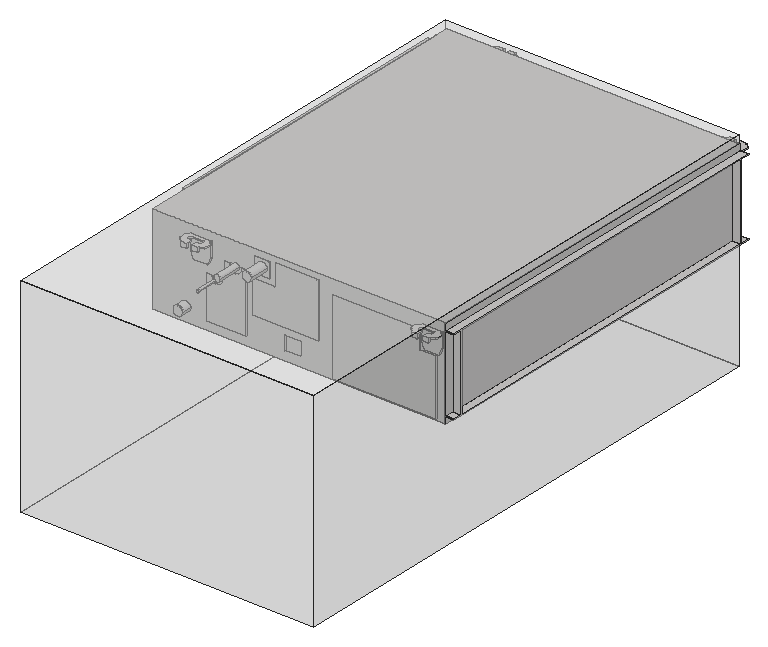
Revit family "outputfile", category 機械設備, Revit 2024
Family settings
  丸型コネクタ寸法 = 半径を使用
  パーツ タイプ = 標準
  OmniClass 番号 = 23.75.10.24.21.27.27
  OmniClass タイトル = Split System Air Conditioning Units
  作業面ベース = いいえ
  常に垂直 = はい
  ロード時にボイドで切り取り = いいえ
  注釈の向きを維持 = いいえ
  共有 = いいえ
  部屋計算ポイント = はい
Parameters (values of type "FDMF71VVMG")
  Description = ""
  製造元 = "Daikin"
  書き出し IFC クラス(タイプ) = "IfcUnitaryEquipmentType"
  定義済み IFC タイプ(タイプ) = "AIRCONDITIONINGUNIT"
  Cost = 0
  モデル = "FDMF71VVMG"
  Type Comments = ""
  Keynote = ""
  Type Image = (empty or 0)
  Assembly Code = ""
  switch_frequency = yes
  r_Liquid Pipe Size = Liquid Pipe Size / 2  # 3.2 mm
  r_Gas Pipe Size = Gas Pipe Size / 2  # 7.95 mm
  r_Drain Pipe Size = Drain Pipe Size / 2  # 12.5 mm
  lw_power = 770.0 mm  # constant formula
  lh_SA = 138.0 mm  # constant formula
  lw_SA = if(Depth = 550.0 mm, 225.0 mm, if(Depth = 700.0 mm, 300.0 mm, if(Depth = 1000.0 mm, 450.0 mm, if(Depth = 1400.0 mm, 650.0 mm, 725.0 mm))))  # 450.0 mm
  lw_RA = if(Depth = 550.0 mm, 275.0 mm, if(Depth = 700.0 mm, 349.0 mm, if(Depth = 1000.0 mm, 499.0 mm, if(Depth = 1400.0 mm, 699.0 mm, 775.0 mm))))  # 499.0 mm
  lh_power = 60.0 mm + [h***]  # 60.0 mm
  lh_mountinghole1 = lh_mountinghole + [h***]  # 222.0 mm
  lh_RA = 123.0 mm  # constant formula
  ld_power = Depth / 2  # 500.0 mm
  connector_voltage = Voltage_50Hz  # 230 V
  connector_powerinput = [Power Input (Cooling)]  # 0.000 kW
  connector_phase = Phase_50Hz  # 1
  Voltage_comment_50Hz = "220 - 240"
  Voltage_50Hz = 230 V
  URL = ""
  Supply Air Direction [instance] = yes
  Sound Power Level_H speed (dB) = 0
  Phase_50Hz = 1
  Minimum External Static Pressure = 50.00 Pa
  Minimum Circuit Amps_50Hz = 0.0 A
  Maximum Fuse Amps_50Hz = 0.0 A
  Maximum External Static Pressure = 150.00 Pa
  Material_Casing = DAIKIN_GalvanizedSteel_Casing_indoorunit
  lw_mountinghole = 630.0 mm  # constant formula
  lh_gaspipe = 183.0 mm + [h***]  # 183.0 mm
  lh_mountinghole = 222.0 mm  # constant formula
  lh_liquidpipe = 136.0 mm + [h***]  # 136.0 mm
  lh_drainpipe = 207.0 mm + [h***]  # 207.0 mm
  lh_antena = Height - lh_mountinghole + 1.0 mm  # 24.0 mm
  ld_drainpipe = Depth / 2 + 53.0 mm  # 553.0 mm
  ld_liquidpipe = Depth / 2 + 69.0 mm  # 569.0 mm
  ld_gaspipe = Depth / 2 + 65.0 mm  # 565.0 mm
  ld_mountinghole = Depth + 38.0 mm  # 1038.0 mm
  h*** = 0.0 mm  # constant formula
  lw_liquidpipe = 179.0 mm  # constant formula
  lw_gaspipe = 229.0 mm  # constant formula
  lw_drainpipe = 300.0 mm  # constant formula
  Width = 800.0 mm
  Version = "ver.1.0"
  Unit Type = "Duct (M.S.P)"
  Unit Mass Weight = 37.00 kg
  Unit Designation [instance] = ""
  Uniclass2015Version = "Products v1.30"
  Uniclass2015Title = "Split coil room air conditioning units"
  Uniclass2015Code = "Pr_70_65_03_86"
  Total Cooling Capacity [instance] = 0.000 kW
  Sound Pressure Level_M speed (dBA) = 35
  Sound Pressure Level_L speed (dBA) = 33
  Sound Pressure Level_H speed (dBA) = 38
  Series = "Multi Split_Fan Coil Unit"
  Sensible Cooling Capacity [instance] = 0.000 kW
  SA Duct Size Width = 792.0 mm
  SA Duct Size Height = 176.0 mm
  Refrigerant Type = "R32"
  RA Duct Size Width = 952.0 mm
  RA Duct Size Height = 208.0 mm
  Power Input (Cooling) = 0.000 kW
  Option Accessory 3 [instance] = ""
  Option Accessory 2 [instance] = ""
  Option Accessory 1 [instance] = ""
  Nominal Cooling Capacity = 7.100 kW
  Minimum Airflow = 960.00 m³/h
  Median Airflow = 1170.00 m³/h
  Maximum Airflow = 1380.00 m³/h
  Load Classification = HVAC
  Liquid Pipe Size = 6.4 mm
  Link_Nested Family [instance] = ""
  IfcVersion = ""
  IfcExportType = "AIRCONDITIONINGUNIT"
  IfcExportAs = "IfcUnitaryEquipmentType"
  Height = 245.0 mm
  Heat Exchanger Type = "Cross Fin Coil"
  Gas Pipe Size = 15.9 mm
  Frequency_50Hz = 50 Hz
  Fan Type = "Sirocco Fan"
  Fan Drive = "Direct Drive"
  FCU Tag No. [instance] = ""
  Drain Pipe Size = 25.0 mm
  Design Supply Airflow [instance] = 0.00 m³/h
  Design Return Airflow [instance] = 0.00 m³/h
  Design External Static Pressure [instance] = 0.00 Pa
  Depth = 1000.0 mm
  既定の高さ = 0.0 mm
  Cooling Entering Wet Bulb Temperature [instance] = 0.00 °C
  Cooling Entering Dry Bulb Temperature [instance] = 0.00 °C
  Cooling Ambient Wet Bulb Temperature [instance] = 0.00 °C
  Cooling Ambient Dry Bulb Temperature [instance] = 0.00 °C
  Clearance visibility [instance] = yes
  Clearance Top = 20.0 mm
  Clearance Right = 0.0 mm
  Clearance Rear = 0.0 mm
  Clearance Left = 0.0 mm
  Clearance Front = 450.0 mm
  Clearance Bottom = 300.0 mm
Reference planes
  plane 1 "Center (Front/Back)": y = 0
  plane 2 "h": z = 0
  plane 3 "Center (Left/Right)": x = 0
  plane 4 "Back": y = 500
  plane 5 "Front": y = -500
  plane 6 "Left": x = -400
  plane 7 "Right": x = 400
  plane 8 "Top": z = 0
  plane 9 "Bottom": z = -245
  plane 10: y = -215
  plane 11: y = 500
  plane 12: y = -950
  plane 13: x = -400
  plane 14: x = 400
  plane 15: z = 20
  plane 16: z = -545
  plane 17: x = -400
  plane 18: x = -399
  plane 19: x = 399
  plane 20: y = 50
  plane 21: y = -1
  plane 22: z = -122
  plane 23: y = -501
  plane 24: z = -109
  plane 25: x = -221
  plane 26: y = -565
  plane 27: z = -62
  plane 28: x = -171
  plane 29: y = -553
  plane 30: z = -38
  plane 31: x = -100
  plane 32: x = -100
  plane 33: x = -221
  plane 34: x = -171
  plane 35: x = 370
  plane 36: x = -266
  plane 37: x = 364
  plane 38: y = -519
  plane 39: y = 519
  plane 40: z = -23
  plane 41: z = -107
  plane 42: y = -569
  plane 43: z = -207
  plane 44: x = -309
  plane 45: y = -526
  plane 46: x = -251
  plane 47: x = -203
  plane 48: x = -144
  plane 49: z = -59
  plane 50: z = -106
  plane 51: z = -221
  plane 52: z = -109
  plane 53: x = -221
  plane 54: z = -62
  plane 55: x = -171
  plane 56: z = -17
  plane 57: z = -59
  plane 58: x = -121
  plane 59: x = -79
  plane 60: x = -125
  plane 61: x = -64
  plane 62: x = 53
  plane 63: z = -164
  plane 64: z = -73
  plane 65: z = -16
  plane 66: x = 93.5
  plane 67: x = 374.5
  plane 68: x = 330
  plane 69: z = -88.5
  plane 70: z = -38
  plane 71: z = -242.5
  plane 72: x = -38.5
  plane 73: x = 6.5
  plane 74: z = -181
  plane 75: z = -221
  plane 76: y = -499
  plane 77: x = -424
  plane 78: x = 424
Forms (mm)
  Extrusion 1, solid, material "DAIKIN_GalvanizedSteel_Casing_indoorunit" <- "Material_Casing"
    sketch origin (0, 0, 0) x (1, 0, 0) y (0, 1, 0)
      loop
        line (-399, 500) -> (-399, -500) -> (399, -500) -> (399, 500) -> (-399, 500)
    from -245 to 0
  Extrusion 2, solid, material "DAIKIN_GalvanizedSteel_Casing_indoorunit" <- "Material_Casing"
    sketch origin (0, 0, 0) x (1, 0, 0) y (0, 0, 1)
      loop
        line (-251, -221) -> (-144, -221) -> (-144, -59) -> (-154.47, -59)
        arc (-154.47, -59) -> (-171, -78.8) -> (-187.53, -59) r 16.8
        line (-187.53, -59) -> (-203, -59) -> (-203, -106) -> (-206.916, -106)
        arc (-206.916, -106) -> (-221, -123.4) -> (-235.084, -106) r 14.4
        line (-235.084, -106) -> (-251, -106) -> (-251, -221)
    from 500 to 501
  Extrusion 3, solid, material "DAIKIN_GalvanizedSteel_Casing_indoorunit" <- "Material_Casing"
    sketch origin (0, 0, 0) x (1, 0, 0) y (0, 0, 1)
      loop
        line (-121, -17) -> (-121, -59) -> (-79, -59) -> (-79, -17) -> (-121, -17)
      loop
        line (-125, -73) -> (-125, -164) -> (53, -164) -> (53, -16) -> (-64, -16) -> (-64, -73) -> (-125, -73)
    from 500 to 501
  Extrusion 4, solid, material "DAIKIN_GalvanizedSteel_Casing_indoorunit" <- "Material_Casing"
    sketch origin (0, 0, 0) x (1, 0, 0) y (0, 0, 1)
      loop
        line (93.5, -38) -> (93.5, -242.5) -> (374.5, -242.5) -> (374.5, -88.5) -> (330, -88.5) -> (330, -38) -> (93.5, -38)
    from 500 to 501
  Extrusion 5, solid, material "DAIKIN_GalvanizedSteel_Casing_indoorunit" <- "Material_Casing"
    sketch origin (0, 0, 0) x (1, 0, 0) y (0, 0, 1)
      loop
        circle (-221, -109) r 3.2
    from 500 to 569
  Extrusion 6, solid, material "DAIKIN_GalvanizedSteel_Casing_indoorunit" <- "Material_Casing"
    sketch origin (0, 0, 0) x (1, 0, 0) y (0, 0, 1)
      loop
        circle (-171, -62) r 7.95
    from 500 to 565
  Extrusion 7, solid, material "DAIKIN_GalvanizedSteel_Casing_indoorunit" <- "Material_Casing"
    sketch origin (0, 0, 0) x (1, 0, 0) y (0, 0, 1)
      loop
        circle (-100, -38) r 12.5
    from 501 to 553
  Extrusion 8, solid, material "DAIKIN_GalvanizedSteel_Casing_indoorunit" <- "Material_Casing"
    sketch origin (0, 0, 0) x (1, 0, 0) y (0, 0, 1)
      loop
        circle (-309, -207) r 13
    from 500 to 526
  Extrusion 9, void
    sketch origin (0, 0, 0) x (1, 0, 0) y (0, 0, 1)
      loop
        line (-38.5, -181) -> (-38.5, -221) -> (6.5, -221) -> (6.5, -181) -> (-38.5, -181)
    from 499 to 500
Cuts and joins
  Extrusion 9 cuts Extrusion 1
Dimensions and locks
  "Height": plane 8 "Top" to plane 9 "Bottom"
  equal spacing: plane 4 "Back", plane 1 "Center (Front/Back)", plane 5 "Front"
  "Depth": plane 4 "Back" to plane 5 "Front"
  equal spacing: plane 6 "Left", plane 3 "Center (Left/Right)", plane 7 "Right"
  "Width": plane 6 "Left" to plane 7 "Right"
  "Clearance Left": plane 13 to plane 6 "Left"
  "Clearance Right": plane 7 "Right" to plane 14
  "Clearance Rear": plane 11 to plane 4 "Back"
  "Clearance Front": plane 5 "Front" to plane 12
  "Clearance Top": plane 15 to plane 8 "Top"
  "Clearance Bottom": plane 9 "Bottom" to plane 16
  locked: plane 17 to plane 18 at 1
  locked: plane 19 to plane 14 at 1
  "lw_SA": plane 11 to plane 20
  "lw_RA": plane 21 to plane 5 "Front"
  "lh_RA": plane 22 to plane 9 "Bottom"
  locked: plane 5 "Front" to plane 23 at 1
  "lw_liquidpipe": plane 25 to plane 6 "Left"
  "lh_liquidpipe": plane 24 to plane 9 "Bottom"
  "lh_gaspipe": plane 27 to plane 9 "Bottom"
  "lw_gaspipe": plane 28 to plane 6 "Left"
  "ld_gaspipe": plane 26 to plane 1 "Center (Front/Back)"
  "ld_drainpipe": plane 29 to plane 1 "Center (Front/Back)"
  "lh_drainpipe": plane 30 to plane 9 "Bottom"
  "lw_drainpipe": plane 31 to plane 6 "Left"
  "lw_drainpipe": plane 6 "Left" to plane 32
  "lw_liquidpipe": plane 6 "Left" to plane 33
  "lw_gaspipe": plane 6 "Left" to plane 34
  "lw_power": plane 6 "Left" to plane 35
  locked: plane 17 to plane 36 at 134
  "lw_mountinghole": plane 36 to plane 37
  equal spacing: plane 38, plane 1 "Center (Front/Back)", plane 39
  "ld_mountinghole": plane 39 to plane 38
  "lh_mountinghole": plane 40 to plane 9 "Bottom"
  "lh_SA": plane 41 to plane 9 "Bottom"
  locked: plane 44 to plane 6 "Left" at 91
  locked: plane 43 to plane 9 "Bottom" at 38
  plane 48 to plane 47 to plane 46 to plane 6 "Left" = 59.0 mm, 48.0 mm, 149.0 mm
  plane 8 "Top" to plane 49 to plane 50 to plane 51 = 59.0 mm locked, 47.0 mm locked, 115.0 mm locked
  plane 55 to plane 53 to plane 6 "Left" = 50.0 mm locked, 179.0 mm locked
  plane 54 to plane 52 to plane 9 "Bottom" = 47.0 mm locked, 136.0 mm locked
  plane 59 to plane 58 to plane 6 "Left" = 42.0 mm locked, 279.0 mm locked
  plane 8 "Top" to plane 56 to plane 57 = 17.0 mm locked, 42.0 mm locked
  plane 62 to plane 61 to plane 60 to plane 6 "Left" = 117.0 mm, 61.0 mm, 275.0 mm
  plane 8 "Top" to plane 65 to plane 64 = 16.0 mm locked, 57.0 mm locked
  locked: plane 65 to plane 63 at 148
  plane 8 "Top" to plane 70 to plane 69 to plane 71 = 38.0 mm locked, 50.5 mm locked, 154.0 mm locked
  plane 67 to plane 68 to plane 66 to plane 6 "Left" = 44.5 mm locked, 236.5 mm locked, 493.5 mm locked
  plane 8 "Top" to plane 74 to plane 75 = 181.0 mm locked, 40.0 mm locked
  plane 73 to plane 72 to plane 6 "Left" = 45.0 mm, 361.5 mm
  locked: plane 76 to plane 5 "Front" at 1
  locked: plane 77 to plane 17 at 24
  locked: plane 14 to plane 78 at 24
  "ld_liquidpipe": plane 42 to plane 1 "Center (Front/Back)"
  "r_Liquid Pipe Size": radius of Extrusion 5 sketch curve
  "r_Gas Pipe Size": radius of Extrusion 6 sketch curve
  "r_Drain Pipe Size": radius of Extrusion 7 sketch curve
  aligned and locked: level to plane 2 "h"
  aligned and locked: plane 8 "Top" to Extrusion 1
  aligned and locked: Extrusion 1 to plane 9 "Bottom"
  aligned and locked: nested 5 to plane 12
  aligned and locked: plane 13 to nested 5
  aligned and locked: plane 14 to nested 5
  aligned and locked: nested 5 to plane 13
  aligned and locked: plane 11 to nested 5
  aligned and locked: plane 15 to nested 5
  aligned and locked: plane 16 to nested 5
  aligned and locked: plane 5 "Front" to Extrusion 1 sketch curve
  aligned and locked: Extrusion 1 to plane 18
  aligned and locked: plane 19 to Extrusion 1
  aligned and locked: nested 7 to plane 18
  aligned and locked: nested 7 to plane 20
  aligned and locked: plane 19 to nested 8
  aligned and locked: plane 21 to nested 8
  aligned and locked: plane 22 to nested 8
  aligned and locked: Extrusion 2 to plane 23
  aligned and locked: plane 5 "Front" to Extrusion 2
  aligned and locked: Extrusion 3 to plane 23
  aligned and locked: plane 5 "Front" to Extrusion 3
  aligned and locked: plane 5 "Front" to Extrusion 4
  aligned and locked: Extrusion 5 sketch curve to plane 25
  aligned and locked: plane 24 to Extrusion 5 sketch curve
  aligned and locked: plane 5 "Front" to Extrusion 5
  aligned and locked: Extrusion 6 sketch curve to plane 28
  aligned and locked: plane 27 to Extrusion 6 sketch curve
  aligned and locked: plane 5 "Front" to Extrusion 6
  aligned and locked: Extrusion 7 sketch curve to plane 31
  aligned and locked: Extrusion 7 sketch curve to plane 30
  aligned and locked: Extrusion 7 to plane 29
  aligned and locked: plane 23 to Extrusion 7
  aligned and locked: nested 3 to plane 29
  aligned and locked: plane 32 to nested 3
  aligned and locked: nested 2 to plane 33
  aligned and locked: nested 1 to plane 34
  aligned and locked: Extrusion 6 to plane 26
  aligned and locked: nested 1 to plane 26
  aligned and locked: nested 6 to plane 5 "Front"
  aligned and locked: nested 6 to plane 35
  aligned and locked: plane 36 to nested 10
  aligned and locked: nested 10 to plane 5 "Front"
  aligned and locked: plane 37 to nested 9
  aligned and locked: nested 9 to plane 5 "Front"
  aligned and locked: nested 11 to plane 36
  aligned and locked: plane 4 "Back" to nested 11
  aligned and locked: nested 12 to plane 37
  aligned and locked: plane 4 "Back" to nested 12
  aligned and locked: plane 40 to nested 10
  aligned and locked: plane 40 to nested 11
  aligned and locked: plane 40 to nested 9
  aligned and locked: plane 40 to nested 12
  aligned and locked: plane 36 to nested 14
  aligned and locked: nested 14 to plane 39
  aligned and locked: plane 37 to nested 13
  aligned and locked: nested 13 to plane 39
  aligned and locked: plane 37 to nested 16
  aligned and locked: plane 38 to nested 16
  aligned and locked: plane 38 to nested 15
  aligned and locked: plane 36 to nested 15
  aligned and locked: plane 17 to plane 6 "Left"
  aligned and locked: plane 41 to nested 7
  aligned and locked: Extrusion 5 to plane 42
  aligned and locked: nested 2 to plane 42
  aligned and locked: Extrusion 8 sketch curve to plane 44
  aligned and locked: plane 43 to Extrusion 8 sketch curve
  aligned and locked: plane 5 "Front" to Extrusion 8
  aligned and locked: plane 45 to Extrusion 8
  aligned and locked: Extrusion 3 sketch curve to plane 56
  aligned and locked: Extrusion 3 sketch curve to plane 58
  aligned and locked: plane 57 to Extrusion 3 sketch curve
  aligned and locked: plane 59 to Extrusion 3 sketch curve
  aligned and locked: Extrusion 4 to plane 23
  aligned and locked: Extrusion 9 sketch curve to plane 74
  aligned and locked: plane 75 to Extrusion 9 sketch curve
  aligned and locked: plane 73 to Extrusion 9 sketch curve
  aligned and locked: plane 5 "Front" to Extrusion 9
  aligned and locked: plane 76 to Extrusion 9
  aligned and locked: nested 17 to plane 20
  aligned and locked: nested 17 to plane 77
  aligned and locked: plane 21 to nested 18
  aligned and locked: plane 78 to nested 18
  aligned and locked: plane 41 to nested 17
  aligned and locked: nested 18 to plane 22
  aligned and locked: nested 4 to plane 3 "Center (Left/Right)"
  aligned and locked: plane 1 "Center (Front/Back)" to nested 4
  aligned and locked: level to plane 8 "Top"
Automatic sketch dimensions
  plane 6 "Left" to Extrusion 1 sketch curve = 1.0 mm
  Extrusion 1 sketch curve to plane 7 "Right" = 1.0 mm
  Extrusion 1 sketch curve to plane 4 "Back" = 0.0 mm
  Extrusion 2 sketch curve to plane 46 = 0.0 mm
  Extrusion 2 sketch curve to plane 33 = 0.0 mm
  Extrusion 2 sketch curve to plane 47 = 0.0 mm
  Extrusion 2 sketch curve to plane 34 = 0.0 mm
  Extrusion 2 sketch curve to plane 48 = 0.0 mm
  Extrusion 2 sketch curve to plane 51 = 0.0 mm
  Extrusion 2 sketch curve to plane 52 = 0.0 mm
  Extrusion 2 sketch curve to plane 50 = 0.0 mm  (x3)
  Extrusion 2 sketch curve to plane 54 = 0.0 mm
  Extrusion 2 sketch curve to plane 49 = 0.0 mm  (x3)
  plane 33 to Extrusion 2 sketch curve = 14.084 mm
  plane 34 to Extrusion 2 sketch curve = 16.53 mm
  Extrusion 3 sketch curve to plane 60 = 0.0 mm
  Extrusion 3 sketch curve to plane 61 = 0.0 mm
  Extrusion 3 sketch curve to plane 62 = 0.0 mm
  Extrusion 3 sketch curve to plane 63 = 0.0 mm
  Extrusion 3 sketch curve to plane 64 = 0.0 mm
  Extrusion 3 sketch curve to plane 65 = 0.0 mm
  Extrusion 4 sketch curve to plane 66 = 0.0 mm
  Extrusion 4 sketch curve to plane 68 = 0.0 mm
  Extrusion 4 sketch curve to plane 67 = 0.0 mm
  Extrusion 4 sketch curve to plane 71 = 0.0 mm
  Extrusion 4 sketch curve to plane 69 = 0.0 mm
  Extrusion 4 sketch curve to plane 70 = 0.0 mm
  Extrusion 9 sketch curve to plane 72 = 0.0 mm
  radius of Extrusion 8 sketch curve = 13.0 mm
Nested families
  nested 1: "daikin_connector_rotate2" at (-171, 0, -62), length <- "ld_gaspipe", built-in parameter 1001364 <- "lh_gaspipe", radius <- "r_Gas Pipe Size", type "daikin_connector_rotate2"
    with radius 7.95 mm, length 565.0 mm, angle_vertical 90.00°
  nested 2: "daikin_connector_rotate2" at (-221, 0, -109), length <- "ld_liquidpipe", built-in parameter 1001364 <- "lh_liquidpipe", radius <- "r_Liquid Pipe Size", type "daikin_connector_rotate2"
    with radius 3.2 mm, length 569.0 mm, angle_vertical 90.00°
  nested 3: "daikin_connector_rotate2" at (-100, 0, -38), length <- "ld_drainpipe", built-in parameter 1001364 <- "lh_drainpipe", radius <- "r_Drain Pipe Size", type "daikin_connector_rotate2"
    with radius 12.5 mm, length 553.0 mm, angle_vertical 90.00°
  nested 4: "daikin_△_symbolicline" at (0, 0, 245) x (0, -1, 0) z (0, 0, 1), built-in parameter 1001364 <- "Height", visible <- "Supply Air Direction", type "daikin_△_symbolicline"
    with length 200.0 mm
  nested 5: "daikin_clearancespace" at (0, -225, -262.381), visible <- "Clearance visibility", show <- "Clearance visibility", Link_Nested Family <- "Link_Nested Family", type "daikin_clearancespace"
    with width 800.0 mm, show yes, height 565.0 mm, depth 1450.0 mm, Link_Nested Family ""
  nested 6: "daikin_connector_rotate2" at (370, 0, -185), built-in parameter 1001364 <- "lh_power", length <- "ld_power", type "daikin_connector_rotate2"
    with radius 10.0 mm, length 500.0 mm, angle_vertical 90.00°
  nested 7: "daikin_ductflange_FDMF-VVMG2" at (-399, 50, -107) x (0, -1, 0) z (0, 0, 1), type "daikin_ductflange_FDMF-VVMG2"
    with width 792.0 mm, w 1000.0 mm
  nested 8: "daikin_ductflange_FDMF-VVMG" at (399, -1, -122) x (0, 1, 0) z (0, 0, 1), type "daikin_ductflange_FDMF-VVMG"
    with width 952.0 mm, lw 25.0 mm, w 1000.0 mm
  nested 9: "daikin_hangerfixture_FDMF-VVMG" at (364, -500, -23), type "daikin_hangerfixture_FDMF-VVMG"
  nested 10: "daikin_hangerfixture_FDMF-VVMG" at (-266, -500, -23), type "daikin_hangerfixture_FDMF-VVMG"
  nested 11: "daikin_hangerfixture_FDMF-VVMG" at (-266, 500, -23) x (-1, 0, 0) z (0, 0, 1), type "daikin_hangerfixture_FDMF-VVMG"
  nested 12: "daikin_hangerfixture_FDMF-VVMG" at (364, 500, -23) x (-1, 0, 0) z (0, 0, 1), type "daikin_hangerfixture_FDMF-VVMG"
  nested 13: "daikin_mountinghole" at (364, 519, -245), h_mountinghole <- "lh_mountinghole1", l_antenna <- "lh_antena", Link_Nested Family <- "Link_Nested Family", type "daikin_mountinghole"
    with show yes, l_antenna 24.0 mm, h_mountinghole 222.0 mm, Link_Nested Family ""
  nested 14: "daikin_mountinghole" at (-266, 519, -245), h_mountinghole <- "lh_mountinghole1", l_antenna <- "lh_antena", Link_Nested Family <- "Link_Nested Family", type "daikin_mountinghole"
    with show yes, l_antenna 24.0 mm, h_mountinghole 222.0 mm, Link_Nested Family ""
  nested 15: "daikin_mountinghole" at (-266, -519, -245), h_mountinghole <- "lh_mountinghole1", l_antenna <- "lh_antena", Link_Nested Family <- "Link_Nested Family", type "daikin_mountinghole"
    with show yes, l_antenna 24.0 mm, h_mountinghole 222.0 mm, Link_Nested Family ""
  nested 16: "daikin_mountinghole" at (364, -519, -245), h_mountinghole <- "lh_mountinghole1", l_antenna <- "lh_antena", Link_Nested Family <- "Link_Nested Family", type "daikin_mountinghole"
    with show yes, l_antenna 24.0 mm, h_mountinghole 222.0 mm, Link_Nested Family ""
  nested 17: "daikin_connector_rotate2" at (-400, 50, -107) x (0, -1, 0) z (0, 0, 1), type "daikin_connector_rotate2"
    with radius 10.0 mm, length 24.0 mm, angle_vertical 90.00°
  nested 18: "daikin_connector_rotate2" at (400, -1, -122) x (0, 1, 0) z (0, 0, 1), type "daikin_connector_rotate2"
    with radius 10.0 mm, length 24.0 mm, angle_vertical 90.00°
Connectors
  piping at (-100, -553, -38), diameter 25, driven by "r_Drain Pipe Size"
    settings: on nested 3, index 3, connector inside diameter 609.6 mm, connector length 0.0 mm, flow factor 0, pipe flow 0.00 m³/h, pressure drop 0.0 Pa, fitting loss kfactor 0, connector angle 0.00°, fixture units 0, engagement length 0.0 mm, angle of deflection 0.00°, flow configuration 1, flow direction 2, fitting loss method 4, system type 16, joint type 0, gender type 0, connector reference index -1, connector utility 0, adjustable connector no, is connector primary yes, connector description "Condensate Drain Piping"
  piping at (-171, -565, -62), diameter 15.9, driven by "r_Gas Pipe Size"
    settings: on nested 1, index 4, connector inside diameter 609.6 mm, connector length 0.0 mm, flow factor 0, pipe flow 0.00 m³/h, pressure drop 0.0 Pa, fitting loss kfactor 0, connector angle 0.00°, fixture units 0, engagement length 0.0 mm, angle of deflection 0.00°, flow configuration 1, flow direction 2, fitting loss method 0, system type 29, joint type 0, gender type 0, connector reference index -1, connector utility 0, adjustable connector no, is connector primary no, connector description "Refrigerant Gas Piping"
  piping at (-221, -569, -109), diameter 6.4, driven by "r_Liquid Pipe Size"
    settings: on nested 2, index 5, connector inside diameter 609.6 mm, connector length 0.0 mm, flow factor 0, pipe flow 0.00 m³/h, pressure drop 0.0 Pa, fitting loss kfactor 0, connector angle 0.00°, fixture units 0, engagement length 0.0 mm, angle of deflection 0.00°, flow configuration 1, flow direction 1, fitting loss method 0, system type 29, joint type 0, gender type 0, connector reference index -1, connector utility 0, adjustable connector no, is connector primary no, connector description "Refrigerant Liquid Piping"
  electrical at (370, -500, -185), driven by "Load Classification", driven by "connector_voltage", driven by "connector_phase", driven by "connector_powerinput"
    settings: on nested 6, index 6, voltage 230 V, apparent load 0 VA, apparent load phase1 0 VA, apparent load phase2 0 VA, apparent load phase3 0 VA, power factor 1, load classification "HVAC", number of poles 1, system type 30, power factor state 1, is connector primary yes, connector utility no, sub classification motor no, connector description "Power Supply"
  hvac at (-424, 50, -107), driven by "SA Duct Size Height", driven by "SA Duct Size Width"
    settings: on nested 17, index 7, duct flow 0.00 m³/h, flow factor 0, pres drop 0.00 Pa, loss coef 0, conn angle 0.00°, conn width 792.0 mm, conn height 176.0 mm, conn diameter 609.6 mm, duct sys type 1, conn prof type 1, flow config 0, flow direction 2, loss method 4, conn ref index -1, conn util no, is conn primary yes, conn desc "SA Duct"
  hvac at (424, -1, -122), driven by "RA Duct Size Height", driven by "RA Duct Size Width"
    settings: on nested 18, index 8, duct flow 0.00 m³/h, flow factor 0, pres drop 0.00 Pa, loss coef 0, conn angle 0.00°, conn width 952.0 mm, conn height 208.0 mm, conn diameter 609.6 mm, duct sys type 2, conn prof type 1, flow config 0, flow direction 1, loss method 4, conn ref index -1, conn util no, is conn primary no, conn desc "RA Duct"
Definition of nested family "daikin_clearancespace"
  Parameters (values of type "daikin_clearancespace")
    Description = "daikin_clearancespace"
    width [instance] = 1823.963 mm
    show [instance] = yes
    material = none
    height [instance] = 1359.762 mm
    depth [instance] = 880.0 mm
    Default Elevation = 0.0 mm
    Link_Nested Family [instance] = ""
  Reference planes
    plane 1 "Center (Front/Back)": y = 0
    plane 2 "Center (Elevation)": z = -0.119
    plane 3 "Center (Left/Right)": x = 0
    plane 4: y = 440
    plane 5: y = -440
    plane 6 "Right": x = 911.982
    plane 7 "Left": x = -911.982
    plane 8 "Top": z = 679.762
    plane 9 "Bottom": z = -680
  Forms (mm)
    Extrusion 1, solid, material <- "material", visible <- "show"
      sketch origin (0, 0, 0) x (1, 0, 0) y (0, 1, 0)
        loop
          line (-911.982, 440) -> (-911.982, -440) -> (911.982, -440) -> (911.982, 440) -> (-911.982, 440)
      from -680 to 679.762
  Lines and regions (mm)
    symbolic lines, visible <- "show"
      curve 1: line (911.982, 440, 0) -> (-911.982, 440, 0)
      curve 2: line (-911.982, 440, 0) -> (-911.982, -440, 0)
      curve 3: line (-911.982, -440, 0) -> (911.982, -440, 0)
      curve 4: line (911.982, -440, 0) -> (911.982, 440, 0)
      curve 5: line (911.982, 0, 679.762) -> (-911.982, 0, 679.762)
      curve 6: line (911.982, 0, -680) -> (911.982, 0, 679.762)
      curve 7: line (-911.982, 0, -680) -> (911.982, 0, -680)
      curve 8: line (-911.982, 0, 679.762) -> (-911.982, 0, -680)
      curve 9: line (0, 440, 679.762) -> (0, -440, 679.762)
      curve 10: line (0, -440, 679.762) -> (0, -440, -680)
      curve 11: line (0, 440, -680) -> (0, 440, 679.762)
      curve 12: line (0, -440, -680) -> (0, 440, -680)
  Dimensions and locks
    "width": plane 7 "Left" to plane 6 "Right"
    "depth": plane 4 to plane 5
    "height": plane 8 "Top" to plane 9 "Bottom"
    equal spacing: plane 7 "Left", plane 3 "Center (Left/Right)", plane 6 "Right"
    equal spacing: plane 4, plane 1 "Center (Front/Back)", plane 5
    equal spacing: plane 8 "Top", plane 2 "Center (Elevation)", plane 9 "Bottom"
    aligned and locked: level to plane 2 "Center (Elevation)"
    aligned and locked: Extrusion 1 sketch curve to plane 4
    aligned and locked: plane 7 "Left" to Extrusion 1 sketch curve
    aligned and locked: Extrusion 1 sketch curve to plane 5
    aligned and locked: Extrusion 1 sketch curve to plane 6 "Right"
    aligned and locked: plane 8 "Top" to Extrusion 1
    aligned and locked: curve 1 to Extrusion 1
    aligned and locked: curve 2 to Extrusion 1
    aligned and locked: curve 3 to Extrusion 1
    aligned and locked: curve 4 to Extrusion 1
    aligned and locked: curve 5 to Extrusion 1
    aligned and locked: curve 6 to Extrusion 1
    aligned and locked: curve 7 to Extrusion 1
    aligned and locked: curve 8 to Extrusion 1
    aligned and locked: curve 9 to Extrusion 1
    aligned and locked: curve 10 to Extrusion 1
    aligned and locked: curve 11 to Extrusion 1
    aligned and locked: curve 12 to Extrusion 1
    aligned and locked: Extrusion 1 to plane 9 "Bottom"
Definition of nested family "daikin_ductflange_FDMF-VVMG2"
  Parameters (values of type "daikin_ductflange_FBFC-DVMG2")
    width = if(w = 550.0 mm, 337.0 mm, if(w = 700.0 mm, 492.0 mm, if(w = 1000.0 mm, 792.0 mm, if(w = 1400.0 mm, 1192.0 mm, 1337.0 mm))))  # 1192.0 mm
    material = none
    height = 215.0 mm
    depth = 1.0 mm
    w = 1400.0 mm
    Default Elevation = 0.0 mm
  Reference planes
    plane 1 "Center (Front/Back)": y = 0
    plane 2: z = 0
    plane 3 "Center (Left/Right)": x = 0
    plane 4: z = 88
    plane 5: z = -88
    plane 6: y = -25
    plane 7: z = 106
    plane 8: z = 89
    plane 9: y = -1
    plane 10: x = -617.5
    plane 11: x = 617.5
    plane 12: z = -106
    plane 13: z = -89
    plane 14: y = -1
    plane 15: x = 596
    plane 16: x = -596
    plane 17: x = 597
    plane 18: z = 87
    plane 19: z = -87
    plane 20: x = -597
    plane 21: z = 87
    plane 22: z = -87
    plane 23: y = -1
  Forms (mm)
    Extrusion 1, solid, material <- "material"
      sketch origin (0, 0, 0) x (0, 1, 0) y (0, 0, 1)
        loop
          line (-25, 88) -> (0, 88) -> (0, 106) -> (-1, 106) -> (-1, 89) -> (-25, 89) -> (-25, 88)
      from -617.5 to 617.5
    Extrusion 2, solid, material <- "material"
      sketch origin (0, 0, 0) x (0, 1, 0) y (0, 0, 1)
        loop
          line (-25, -88) -> (-25, -89) -> (-1, -89) -> (-1, -106) -> (0, -106) -> (0, -88) -> (-25, -88)
      from -617.5 to 617.5
    Extrusion 3, solid, material <- "material"
      sketch origin (0, 0, 0) x (1, 0, 0) y (0, 0, 1)
        loop
          line (596, 88) -> (596, -88) -> (617.5, -88) -> (617.5, -87) -> (597, -87) -> (597, 87) -> (617.5, 87) -> (617.5, 88) -> (596, 88)
      from 0 to 25
    Extrusion 4, solid, material <- "material"
      sketch origin (0, 0, 0) x (1, 0, 0) y (0, 0, 1)
        loop
          line (-617.5, 88) -> (-617.5, 87) -> (-597, 87) -> (-597, -87) -> (-617.5, -87) -> (-617.5, -88) -> (-596, -88) -> (-596, 88) -> (-617.5, 88)
      from 0 to 25
    Extrusion 5, solid, material <- "material"
      sketch origin (0, 0, 0) x (1, 0, 0) y (0, 0, 1)
        loop
          line (-617.5, 88) -> (-617.5, -88) -> (-596, -88) -> (-596, 88) -> (-617.5, 88)
        loop
          line (617.5, 88) -> (596, 88) -> (596, -88) -> (617.5, -88) -> (617.5, 88)
      from 0 to 1
  Cuts and joins
    joined: Extrusion 1, Extrusion 2, Extrusion 3, Extrusion 4, Extrusion 5
  Dimensions and locks
    plane 4 to level to plane 5 = 88.0 mm, 88.0 mm
    locked: plane 6 to plane 1 "Center (Front/Back)" at 25
    locked: plane 9 to plane 1 "Center (Front/Back)" at 1
    locked: plane 8 to plane 4 at 1
    locked: plane 16 to plane 10 at 21.5
    locked: plane 17 to plane 15 at 1
    locked: plane 4 to plane 18 at 1
    locked: plane 19 to plane 5 at 1
    "width": plane 15 to plane 16
    plane 4 to plane 5 = 176.0 mm
    locked: plane 16 to plane 20 at 1
    locked: plane 4 to plane 21 at 1
    locked: plane 22 to plane 5 at 1
    locked: plane 23 to plane 1 "Center (Front/Back)" at 1
    plane 4 to level to plane 5 = 88.0 mm locked, 88.0 mm locked
    locked: plane 5 to plane 13 at 1
    locked: plane 5 to plane 12 at 18
    locked: plane 7 to plane 4 at 18
    equal spacing: plane 15, plane 3 "Center (Left/Right)", plane 16
    locked: plane 11 to plane 15 at 21.5
    plane 11 to plane 10 = 1235.0 mm
    aligned and locked: level to plane 2
    aligned and locked: Extrusion 1 to plane 10
    aligned and locked: plane 11 to Extrusion 1
    aligned and locked: plane 5 to Extrusion 2
    aligned and locked: Extrusion 2 to plane 1 "Center (Front/Back)"
    aligned and locked: plane 15 to Extrusion 3 sketch curve
    aligned and locked: Extrusion 3 sketch curve to Extrusion 2  (x2)
    aligned and locked: Extrusion 3 sketch curve to plane 11
    aligned and locked: plane 6 to Extrusion 3
    aligned and locked: Extrusion 2 to plane 10
    aligned and locked: plane 11 to Extrusion 2
    aligned and locked: Extrusion 4 sketch curve to Extrusion 1  (x2)
    aligned and locked: plane 5 to Extrusion 4 sketch curve
    aligned and locked: Extrusion 4 sketch curve to plane 16
    aligned and locked: Extrusion 4 sketch curve to plane 22
    aligned and locked: plane 20 to Extrusion 4 sketch curve
    aligned and locked: plane 21 to Extrusion 4 sketch curve
    aligned and locked: Extrusion 4 to plane 1 "Center (Front/Back)"
    aligned and locked: plane 6 to Extrusion 4
    aligned and locked: Extrusion 5 sketch curve to Extrusion 1  (x4)
    aligned and locked: Extrusion 5 sketch curve to Extrusion 4  (x2)
    aligned and locked: Extrusion 5 sketch curve to Extrusion 3  (x2)
    aligned and locked: Extrusion 5 to plane 1 "Center (Front/Back)"
    aligned and locked: plane 23 to Extrusion 5
  Automatic sketch dimensions
    Extrusion 1 sketch curve to plane 6 = 0.0 mm
    Extrusion 1 sketch curve to plane 7 = 0.0 mm
    Extrusion 1 sketch curve to plane 9 = 0.0 mm
    Extrusion 1 sketch curve to plane 1 "Center (Front/Back)" = 0.0 mm
    Extrusion 1 sketch curve to plane 4 = 0.0 mm
    Extrusion 1 sketch curve to plane 8 = 0.0 mm
    Extrusion 2 sketch curve to plane 6 = 0.0 mm
    plane 12 to Extrusion 2 sketch curve = 0.0 mm
    Extrusion 2 sketch curve to plane 14 = 0.0 mm
    Extrusion 2 sketch curve to plane 1 "Center (Front/Back)" = 0.0 mm
    plane 13 to Extrusion 2 sketch curve = 0.0 mm
    Extrusion 2 sketch curve to plane 5 = 0.0 mm
    Extrusion 3 sketch curve to plane 17 = 0.0 mm
    Extrusion 3 sketch curve to plane 19 = 0.0 mm
    Extrusion 3 sketch curve to plane 18 = 0.0 mm
    Extrusion 3 sketch curve to plane 4 = 0.0 mm
    Extrusion 4 sketch curve to plane 10 = 0.0 mm
Definition of nested family "daikin_ductflange_FDMF-VVMG"
  Parameters (values of type "daikin_ductflange_FBFC-DVMG")
    width = if(w = 550.0 mm, 502.0 mm, if(w = 700.0 mm, 654.0 mm, if(w = 1000.0 mm, 952.0 mm, if(w = 1400.0 mm, 1352.0 mm, 1502.0 mm))))  # 654.0 mm
    material = none
    lw = if(width = 654.0 mm, 23.0 mm, 25.0 mm)  # 23.0 mm
    height = 208.0 mm
    depth = 1.0 mm
    w = 700.0 mm
    Default Elevation = 0.0 mm
  Reference planes
    plane 1 "Center (Front/Back)": y = 0
    plane 2: z = 0
    plane 3 "Center (Left/Right)": x = 0
    plane 4: z = 104
    plane 5: z = -104
    plane 6: y = -25
    plane 7: z = 121
    plane 8: z = 105
    plane 9: y = -1
    plane 10: x = -350
    plane 11: x = 350
    plane 12: z = -122
    plane 13: z = -105
    plane 14: y = -1
    plane 15: x = 327
    plane 16: x = -327
    plane 17: x = 328
    plane 18: z = 103
    plane 19: z = -103
    plane 20: x = -328
    plane 21: z = 103
    plane 22: z = -103
    plane 23: y = -1
  Forms (mm)
    Extrusion 1, solid, material <- "material"
      sketch origin (0, 0, 0) x (0, 1, 0) y (0, 0, 1)
        loop
          line (-25, 104) -> (0, 104) -> (0, 121) -> (-1, 121) -> (-1, 105) -> (-25, 105) -> (-25, 104)
      from -350 to 350
    Extrusion 2, solid, material <- "material"
      sketch origin (0, 0, 0) x (0, 1, 0) y (0, 0, 1)
        loop
          line (-25, -104) -> (-25, -105) -> (-1, -105) -> (-1, -122) -> (0, -122) -> (0, -104) -> (-25, -104)
      from -350 to 350
    Extrusion 3, solid, material <- "material"
      sketch origin (0, 0, 0) x (1, 0, 0) y (0, 0, 1)
        loop
          line (327, 104) -> (327, -104) -> (350, -104) -> (350, -103) -> (328, -103) -> (328, 103) -> (350, 103) -> (350, 104) -> (327, 104)
      from 0 to 25
    Extrusion 4, solid, material <- "material"
      sketch origin (0, 0, 0) x (1, 0, 0) y (0, 0, 1)
        loop
          line (-350, 104) -> (-350, 103) -> (-328, 103) -> (-328, -103) -> (-350, -103) -> (-350, -104) -> (-327, -104) -> (-327, 104) -> (-350, 104)
      from 0 to 25
    Extrusion 5, solid, material <- "material"
      sketch origin (0, 0, 0) x (1, 0, 0) y (0, 0, 1)
        loop
          line (-350, 104) -> (-350, -104) -> (-327, -104) -> (-327, 104) -> (-350, 104)
        loop
          line (350, 104) -> (327, 104) -> (327, -104) -> (350, -104) -> (350, 104)
      from 0 to 1
  Cuts and joins
    joined: Extrusion 1, Extrusion 2, Extrusion 3, Extrusion 4, Extrusion 5
  Dimensions and locks
    plane 4 to level to plane 5 = 104.0 mm, 104.0 mm
    locked: plane 6 to plane 1 "Center (Front/Back)" at 25
    locked: plane 9 to plane 1 "Center (Front/Back)" at 1
    locked: plane 8 to plane 4 at 1
    "lw": plane 11 to plane 15
    "lw": plane 16 to plane 10
    locked: plane 17 to plane 15 at 1
    locked: plane 4 to plane 18 at 1
    locked: plane 19 to plane 5 at 1
    "width": plane 15 to plane 16
    equal spacing: plane 15, plane 3 "Center (Left/Right)", plane 16
    locked: plane 16 to plane 20 at 1
    locked: plane 4 to plane 21 at 1
    locked: plane 22 to plane 5 at 1
    locked: plane 23 to plane 1 "Center (Front/Back)" at 1
    locked: plane 7 to plane 4 at 17
    locked: plane 1 "Center (Front/Back)" to plane 14 at 1
    locked: plane 5 to plane 13 at 1
    "height": plane 4 to plane 5
    plane 11 to plane 10 = 700.0 mm
    locked: plane 12 to plane 13 at 17
    equal spacing: plane 4, level, plane 5
    aligned and locked: level to plane 2
    aligned and locked: Extrusion 1 to plane 10
    aligned and locked: plane 11 to Extrusion 1
    aligned and locked: plane 5 to Extrusion 2
    aligned and locked: Extrusion 2 to plane 1 "Center (Front/Back)"
    aligned and locked: plane 15 to Extrusion 3 sketch curve
    aligned and locked: Extrusion 3 sketch curve to Extrusion 2  (x2)
    aligned and locked: Extrusion 3 sketch curve to plane 11
    aligned and locked: plane 6 to Extrusion 3
    aligned and locked: Extrusion 2 to plane 10
    aligned and locked: plane 11 to Extrusion 2
    aligned and locked: Extrusion 4 sketch curve to Extrusion 1  (x2)
    aligned and locked: plane 5 to Extrusion 4 sketch curve
    aligned and locked: Extrusion 4 sketch curve to plane 16
    aligned and locked: Extrusion 4 sketch curve to plane 22
    aligned and locked: plane 20 to Extrusion 4 sketch curve
    aligned and locked: plane 21 to Extrusion 4 sketch curve
    aligned and locked: Extrusion 4 to plane 1 "Center (Front/Back)"
    aligned and locked: plane 6 to Extrusion 4
    aligned and locked: Extrusion 5 sketch curve to Extrusion 1  (x4)
    aligned and locked: Extrusion 5 sketch curve to Extrusion 4  (x2)
    aligned and locked: Extrusion 5 sketch curve to Extrusion 3  (x2)
    aligned and locked: Extrusion 5 to plane 1 "Center (Front/Back)"
    aligned and locked: plane 23 to Extrusion 5
  Automatic sketch dimensions
    Extrusion 1 sketch curve to plane 6 = 0.0 mm
    Extrusion 1 sketch curve to plane 7 = 0.0 mm
    Extrusion 1 sketch curve to plane 9 = 0.0 mm
    Extrusion 1 sketch curve to plane 1 "Center (Front/Back)" = 0.0 mm
    Extrusion 1 sketch curve to plane 4 = 0.0 mm
    Extrusion 1 sketch curve to plane 8 = 0.0 mm
    Extrusion 2 sketch curve to plane 6 = 0.0 mm
    plane 12 to Extrusion 2 sketch curve = 0.0 mm
    Extrusion 2 sketch curve to plane 14 = 0.0 mm
    Extrusion 2 sketch curve to plane 1 "Center (Front/Back)" = 0.0 mm
    plane 13 to Extrusion 2 sketch curve = 0.0 mm
    Extrusion 2 sketch curve to plane 5 = 0.0 mm
    Extrusion 3 sketch curve to plane 17 = 0.0 mm
    Extrusion 3 sketch curve to plane 19 = 0.0 mm
    Extrusion 3 sketch curve to plane 18 = 0.0 mm
    Extrusion 3 sketch curve to plane 4 = 0.0 mm
    Extrusion 4 sketch curve to plane 10 = 0.0 mm
Definition of nested family "daikin_hangerfixture_FDMF-VVMG"
  Parameters (values of type "daikin_hangerfixture_FXMQ-PAVE")
    width = 72.0 mm
    material = none
    height = 60.0 mm
    depth = 41.0 mm
    Default Elevation = 0.0 mm
  Reference planes
    plane 1 "Center (Front/Back)": y = 0
    plane 2: z = 0
    plane 3 "Center (Left/Right)": x = 0
    plane 4: y = 417.146
    plane 5: y = -41
    plane 6: x = -36
    plane 7: x = 36
    plane 8: z = -2.3
    plane 9: z = -60
    plane 10: y = -2.3
    plane 11: z = -12
    plane 12: y = -38.7
  Forms (mm)
    Extrusion 1, solid, material <- "material"
      sketch origin (0, 0, 0) x (1, 0, 0) y (0, 1, 0)
        loop
          line (-28, 0) -> (-28, -5)
          arc (-28, -5) -> (-29.127, -8.162) -> (-32, -9.899) r 5
          arc (-32, -9.899) -> (-34.873, -11.636) -> (-36, -14.798) r 5
          line (-36, -14.798) -> (-36, -27.178)
          arc (-36, -27.178) -> (-35.429, -29.499) -> (-33.846, -31.289) r 5
          line (-33.846, -31.289) -> (-23, -38.798) -> (-23, -41.098) -> (-6.5, -41.098) -> (-6.5, -28.498)
          arc (-6.5, -28.498) -> (-7.379, -26.377) -> (-9.5, -25.498) r 3
          line (-9.5, -25.498) -> (-13.5, -25.498)
          arc (-13.5, -25.498) -> (-20, -18.998) -> (-13.5, -12.498) r 6.5
          line (-13.5, -12.498) -> (13.5, -12.498)
          arc (13.5, -12.498) -> (20, -18.998) -> (13.5, -25.498) r 6.5
          line (13.5, -25.498) -> (9.5, -25.498)
          arc (9.5, -25.498) -> (7.379, -26.377) -> (6.5, -28.498) r 3
          line (6.5, -28.498) -> (6.5, -41.098) -> (23, -41.098) -> (23, -38.798) -> (33.846, -31.289)
          arc (33.846, -31.289) -> (35.429, -29.499) -> (36, -27.178) r 5
          line (36, -27.178) -> (36, -14.596)
          arc (36, -14.596) -> (34.873, -11.434) -> (32, -9.697) r 5
          arc (32, -9.697) -> (29.127, -7.96) -> (28, -4.798) r 5
          line (28, -4.798) -> (28, 0) -> (-28, 0)
      from 0 to -2.3
    Extrusion 2, solid, material <- "material"
      sketch origin (0, 0, 0) x (1, 0, 0) y (0, 0, 1)
        loop
          line (28, -39.037) -> (28, 0) -> (-28, 0) -> (-28, -39.037)
          arc (-28, -39.037) -> (-27.91, -39.983) -> (-27.642, -40.894) r 5
          line (-27.642, -40.894) -> (-21.257, -56.857)
          arc (-21.257, -56.857) -> (-19.418, -59.14) -> (-16.615, -60) r 5
          line (-16.615, -60) -> (16.615, -60)
          arc (16.615, -60) -> (19.418, -59.14) -> (21.257, -56.857) r 5
          line (21.257, -56.857) -> (27.642, -40.894)
          arc (27.642, -40.894) -> (27.91, -39.983) -> (28, -39.037) r 5
      from 0 to 2.3
    Extrusion 3, solid, material <- "material"
      sketch origin (0, 0, 0) x (1, 0, 0) y (0, 0, 1)
        loop
          line (-23, 0) -> (-23, -9)
          arc (-23, -9) -> (-22.121, -11.121) -> (-20, -12) r 3
          line (-20, -12) -> (-9.5, -12)
          arc (-9.5, -12) -> (-7.379, -11.121) -> (-6.5, -9) r 3
          line (-6.5, -9) -> (-6.5, 0) -> (-23, 0)
        loop
          line (23, 0) -> (6.5, 0) -> (6.5, -9)
          arc (6.5, -9) -> (7.379, -11.121) -> (9.5, -12) r 3
          line (9.5, -12) -> (20, -12)
          arc (20, -12) -> (22.121, -11.121) -> (23, -9) r 3
          line (23, -9) -> (23, 0)
      from 38.8 to 41.098
  Cuts and joins
    joined: Extrusion 1, Extrusion 2, Extrusion 3
  Dimensions and locks
    plane 2 to plane 8 = 2.3 mm
    "height": plane 2 to plane 9
    locked: plane 10 to plane 1 "Center (Front/Back)" at 2.3
    locked: plane 2 to plane 11 at 12
    locked: plane 12 to plane 5 at 2.3
    aligned and locked: level to plane 2
    aligned and locked: Extrusion 1 to plane 8
    aligned and locked: plane 2 to Extrusion 1
    aligned and locked: plane 2 to Extrusion 2 sketch curve
    aligned and locked: Extrusion 2 to plane 10
    aligned and locked: Extrusion 2 to plane 1 "Center (Front/Back)"
    aligned and locked: Extrusion 3 sketch curve to cut or joined group of Extrusion 1, Extrusion 2, Extrusion 3  (x3)
    aligned and locked: cut or joined group of Extrusion 1, Extrusion 2, Extrusion 3 to Extrusion 3
  Automatic sketch dimensions
    Extrusion 2 sketch curve to plane 7 = 8.0 mm
    Extrusion 2 sketch curve to plane 8 = 36.737 mm
    plane 6 to Extrusion 2 sketch curve = 19.385 mm
    Extrusion 1 sketch curve to plane 6 = 0.0 mm
    plane 1 "Center (Front/Back)" to Extrusion 1 sketch curve = 0.0 mm
    Extrusion 1 sketch curve to plane 7 = 0.0 mm
    plane 6 to Extrusion 1 sketch curve = 2.154 mm
    plane 6 to Extrusion 1 sketch curve = 3.0 mm
    Extrusion 1 sketch curve to Extrusion 1 sketch curve = 5.0 mm  (x3)
    Extrusion 1 sketch curve to plane 12 = 0.098 mm  (x2)
    Extrusion 1 sketch curve to Extrusion 1 sketch curve = 4.0 mm  (x2)
    Extrusion 1 sketch curve to plane 5 = 0.098 mm  (x2)
    Extrusion 1 sketch curve to plane 3 "Center (Left/Right)" = 6.5 mm
    plane 3 "Center (Left/Right)" to Extrusion 1 sketch curve = 6.5 mm
    Extrusion 1 sketch curve to Extrusion 1 sketch curve = 3.0 mm
    Extrusion 1 sketch curve to plane 7 = 8.0 mm
    Extrusion 1 sketch curve to plane 7 = 5.0 mm
    Extrusion 1 sketch curve to plane 7 = 3.0 mm
    Extrusion 1 sketch curve to plane 7 = 2.154 mm
    plane 12 to Extrusion 1 sketch curve = 7.411 mm  (x2)
    plane 12 to Extrusion 1 sketch curve = 10.202 mm  (x2)
    Extrusion 1 sketch curve to Extrusion 1 sketch curve = 6.5 mm  (x2)
    Extrusion 1 sketch curve to Extrusion 1 sketch curve = 12.38 mm
    Extrusion 1 sketch curve to plane 10 = 12.296 mm
    Extrusion 1 sketch curve to plane 10 = 2.7 mm
    Extrusion 1 sketch curve to plane 10 = 2.498 mm
    plane 6 to Extrusion 1 sketch curve = 4.0 mm
    Extrusion 1 sketch curve to Extrusion 1 sketch curve = 0.0 mm  (x2)
    Extrusion 1 sketch curve to plane 7 = 4.0 mm
    Extrusion 1 sketch curve to Extrusion 1 sketch curve = 4.111 mm
    Extrusion 3 sketch curve to level = 0.0 mm  (x2)
    Extrusion 3 sketch curve to plane 11 = 0.0 mm  (x2)
    plane 11 to Extrusion 3 sketch curve = 3.0 mm  (x2)
    plane 3 "Center (Left/Right)" to Extrusion 3 sketch curve = 6.5 mm
    Extrusion 3 sketch curve to Extrusion 3 sketch curve = 3.0 mm  (x2)
    Extrusion 2 sketch curve to plane 9 = 0.0 mm
    Extrusion 2 sketch curve to Extrusion 2 sketch curve = 11.385 mm
    plane 6 to Extrusion 2 sketch curve = 8.0 mm
    plane 9 to Extrusion 2 sketch curve = 20.963 mm
    Extrusion 2 sketch curve to Extrusion 2 sketch curve = 5.0 mm  (x2)
    plane 9 to Extrusion 2 sketch curve = 3.143 mm  (x3)
    Extrusion 2 sketch curve to Extrusion 2 sketch curve = 4.642 mm  (x2)
    Extrusion 2 sketch curve to Extrusion 2 sketch curve = 0.0 mm  (x2)
    Extrusion 2 sketch curve to Extrusion 2 sketch curve = 0.358 mm
    Extrusion 2 sketch curve to Extrusion 2 sketch curve = 1.857 mm  (x2)
Definition of nested family "daikin_connector_rotate2"
  Parameters (values of type "daikin_connector_rotate2")
    Default Elevation = 1219.2 mm
    show_face = no
    radius [instance] = 10.0 mm
    length [instance] = 600.0 mm
    d_surface = 10.0 mm
    angle_vertical [instance] = 90.00°
  Reference planes
    plane 1 "Center (Front/Back)": y = 0
    plane 2: z = 0
    plane 3 "Center (Left/Right)": x = 0
  Forms (mm)
    Extrusion 1, solid, visible <- "show_face"
      sketch origin (0, -600, 0) x (1, 0, 0) y (0, 0, 1)
        loop
          circle (0, 0) r 10
      from 0 to -10
  Lines and regions (mm)
    reference lines
      curve 1: line (0, 0, 0) -> (0, -600, 0)
    symbolic lines
      curve 2: circle (0, 0, 0) r 5 normal (0, 0, 1)
    model lines, visible <- "show_face"
      curve 3: line (0, 0, 0) -> (0, -600, 0)
  Dimensions and locks
    "length": curve 1 to curve 1
    "length": curve 3 to curve 3
    "d_surface": Extrusion 1 to Extrusion 1
    "radius": radius of Extrusion 1 sketch curve
    "angle_vertical": angle curve 1 to plane 1 "Center (Front/Back)"
    "angle_vertical": angle curve 3 to plane 1 "Center (Front/Back)"
    aligned and locked: level to plane 2
    aligned and locked: plane 1 "Center (Front/Back)" to curve 1
    aligned and locked: plane 2 to curve 1
    aligned and locked: plane 1 "Center (Front/Back)" to curve 2
    aligned and locked: plane 3 "Center (Left/Right)" to curve 2
    aligned and locked: plane 1 "Center (Front/Back)" to curve 3
    aligned and locked: plane 2 to curve 3
    aligned and locked: Extrusion 1 to Extrusion 1
  Automatic sketch dimensions
    Extrusion 1 sketch curve to level = 0.0 mm
    Extrusion 1 sketch curve to plane 3 "Center (Left/Right)" = 0.0 mm
    radius of curve 2 = 5.0 mm
Definition of nested family "daikin_△_symbolicline"
  Parameters (values of type "daikin_△_symbolicline")
    length [instance] = 200.0 mm
    Default Elevation = 0.0 mm
  Reference planes
    plane 1 "Center (Front/Back)": y = 0
    plane 2: z = 0
    plane 3 "Center (Left/Right)": x = 0
  Lines and regions (mm)
    symbolic lines
      curve 1: line (0, -173.205, 0) -> (100, 0, 0)
      curve 2: line (100, 0, 0) -> (-100, 0, 0)
      curve 3: line (-100, 0, 0) -> (0, -173.205, 0)
  Dimensions and locks
    equal spacing: curve 3, plane 3 "Center (Left/Right)", curve 2
    "length": curve 3 to curve 2
    "length": curve 3 to curve 3
    "length": curve 1 to curve 1
    aligned and locked: level to plane 2
    aligned and locked: curve 2 to plane 1 "Center (Front/Back)"
    aligned and locked: plane 3 "Center (Left/Right)" to curve 3
Definition of nested family "daikin_mountinghole"
  Parameters (values of type "daikin_mountinghole")
    Default Elevation = 1219.2 mm
    Type Comments = "mountinghole"
    show [instance] = yes
    material = none
    l_centerline = 100.0 mm
    l_antenna [instance] = 100.0 mm
    h_mountinghole [instance] = 0.0 mm
    d_circle = 30.0 mm
    Link_Nested Family [instance] = ""
  Reference planes
    plane 1 "Center (Front/Back)": y = 0
    plane 2: z = 0
    plane 3 "Center (Left/Right)": x = 0
    plane 4: y = 50
    plane 5: x = -50
    plane 6: x = 50
    plane 7: y = -50
    plane 8 "h_mountinghole": z = 0
    plane 9: z = 100
  Lines and regions (mm)
    model lines, detail levels fine
      curve 1: circle (0, 0, 0) r 15 normal (0, 0, 1)
      curve 2: line (-50, 0, 0) -> (50, 0, 0)
      curve 3: line (0, 50, 0) -> (0, -50, 0)
    symbolic lines, detail levels fine
      curve 4: circle (0, 0, 0) r 15 normal (0, 0, 1)
      curve 5: line (-50, 0, 0) -> (50, 0, 0)
      curve 6: line (0, 50, 0) -> (0, -50, 0)
    model lines
      curve 7: line (0, 0, 100) -> (0, 0, 0)
  Dimensions and locks
    equal spacing: plane 4, plane 1 "Center (Front/Back)", plane 7
    "l_centerline": plane 4 to plane 7
    equal spacing: plane 5, plane 3 "Center (Left/Right)", plane 6
    "l_centerline": plane 5 to plane 6
    "l_antenna": plane 9 to plane 8 "h_mountinghole"
    "h_mountinghole": plane 8 "h_mountinghole" to plane 2
    "d_circle": diameter of curve 1
    "d_circle": diameter of curve 4
    aligned and locked: level to plane 2
    aligned and locked: plane 1 "Center (Front/Back)" to curve 1
    aligned and locked: plane 3 "Center (Left/Right)" to curve 1
    aligned and locked: plane 1 "Center (Front/Back)" to curve 2
    aligned and locked: curve 3 to plane 3 "Center (Left/Right)"
    aligned and locked: plane 6 to curve 2
    aligned and locked: plane 5 to curve 2
    aligned and locked: plane 4 to curve 3
    aligned and locked: plane 7 to curve 3
    aligned and locked: plane 1 "Center (Front/Back)" to curve 4
    aligned and locked: plane 3 "Center (Left/Right)" to curve 4
    aligned and locked: plane 6 to curve 5
    aligned and locked: plane 5 to curve 5
    aligned and locked: plane 1 "Center (Front/Back)" to curve 5
    aligned and locked: plane 4 to curve 6
    aligned and locked: plane 7 to curve 6
    aligned and locked: curve 6 to plane 3 "Center (Left/Right)"
    aligned and locked: curve 7 to plane 3 "Center (Left/Right)"
    aligned and locked: plane 9 to curve 7
    aligned and locked: plane 8 "h_mountinghole" to curve 7
